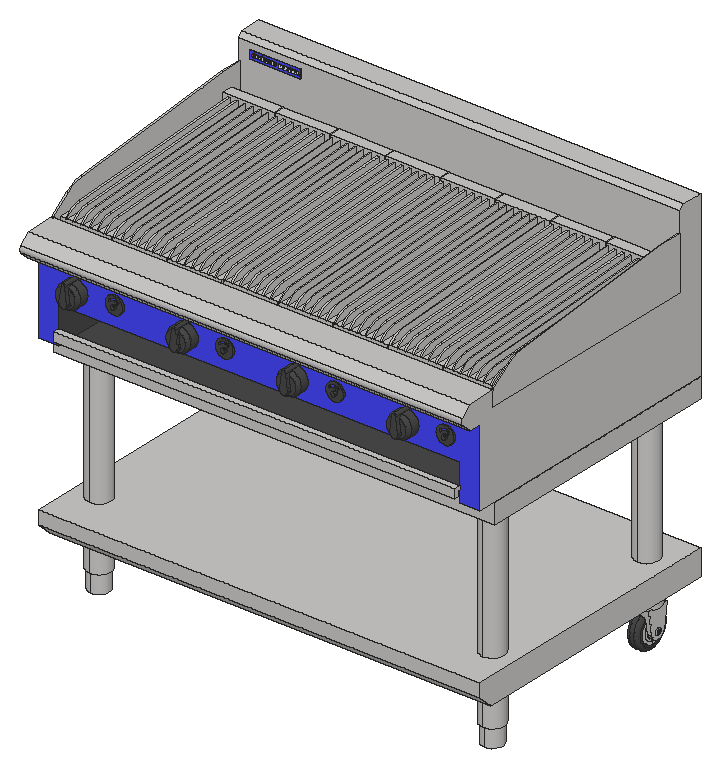
Revit family "QF_MOFFAT_BLUESEAL_AU_G598-LS", category Specialty Equipment, Revit 2012 (continued)
Automatic sketch dimensions
  plane 9 to Extrusion 14 sketch curve = 7.151 mm
  plane 12 to Extrusion 15 sketch curve = 59 mm
  plane 12 to Extrusion 15 sketch curve = 12.852 mm
  plane 12 to Extrusion 15 sketch curve = 8.738 mm
  plane 11 to Extrusion 15 sketch curve = 32 mm
  plane 9 to Extrusion 15 sketch curve = 105.155 mm
  plane 9 to Extrusion 15 sketch curve = 59.636 mm
  plane 9 to Extrusion 15 sketch curve = 7.151 mm
  plane 12 to Extrusion 16 sketch curve = 59 mm
  plane 12 to Extrusion 16 sketch curve = 12.852 mm
  plane 12 to Extrusion 16 sketch curve = 8.738 mm
  plane 11 to Extrusion 16 sketch curve = 32 mm
  plane 9 to Extrusion 16 sketch curve = 105.155 mm
  plane 9 to Extrusion 16 sketch curve = 59.636 mm
  plane 9 to Extrusion 16 sketch curve = 7.151 mm
  plane 12 to Extrusion 17 sketch curve = 59 mm
  plane 12 to Extrusion 17 sketch curve = 12.852 mm
  plane 12 to Extrusion 17 sketch curve = 8.738 mm
  plane 11 to Extrusion 17 sketch curve = 32 mm
  plane 9 to Extrusion 17 sketch curve = 105.155 mm
  plane 9 to Extrusion 17 sketch curve = 59.636 mm
  plane 9 to Extrusion 17 sketch curve = 7.151 mm
  plane 12 to Extrusion 18 sketch curve = 59 mm
  plane 12 to Extrusion 18 sketch curve = 12.852 mm
  plane 12 to Extrusion 18 sketch curve = 8.738 mm
  plane 11 to Extrusion 18 sketch curve = 32 mm
  plane 9 to Extrusion 18 sketch curve = 105.155 mm
  plane 9 to Extrusion 18 sketch curve = 59.636 mm
  plane 9 to Extrusion 18 sketch curve = 7.151 mm
  plane 12 to Extrusion 19 sketch curve = 59 mm
  plane 12 to Extrusion 19 sketch curve = 12.852 mm
  plane 12 to Extrusion 19 sketch curve = 8.738 mm
  plane 11 to Extrusion 19 sketch curve = 32 mm
  plane 9 to Extrusion 19 sketch curve = 105.155 mm
  plane 9 to Extrusion 19 sketch curve = 59.636 mm
  plane 9 to Extrusion 19 sketch curve = 7.151 mm
  plane 12 to Extrusion 20 sketch curve = 59 mm
  plane 12 to Extrusion 20 sketch curve = 12.852 mm
  plane 12 to Extrusion 20 sketch curve = 8.738 mm
  plane 11 to Extrusion 20 sketch curve = 32 mm
  plane 9 to Extrusion 20 sketch curve = 105.155 mm
  plane 9 to Extrusion 20 sketch curve = 59.636 mm
  plane 9 to Extrusion 20 sketch curve = 7.151 mm
  plane 12 to Extrusion 21 sketch curve = 59 mm
  plane 12 to Extrusion 21 sketch curve = 12.852 mm
  plane 12 to Extrusion 21 sketch curve = 8.738 mm
  plane 11 to Extrusion 21 sketch curve = 32 mm
  plane 9 to Extrusion 21 sketch curve = 105.155 mm
  plane 9 to Extrusion 21 sketch curve = 59.636 mm
  plane 9 to Extrusion 21 sketch curve = 7.151 mm
  plane 12 to Extrusion 22 sketch curve = 59 mm
  plane 12 to Extrusion 22 sketch curve = 12.852 mm
  plane 12 to Extrusion 22 sketch curve = 8.738 mm
  plane 11 to Extrusion 22 sketch curve = 32 mm
  plane 9 to Extrusion 22 sketch curve = 105.155 mm
  plane 9 to Extrusion 22 sketch curve = 59.636 mm
  plane 9 to Extrusion 22 sketch curve = 7.151 mm
  plane 12 to Extrusion 23 sketch curve = 59 mm
  plane 12 to Extrusion 23 sketch curve = 12.852 mm
  plane 12 to Extrusion 23 sketch curve = 8.738 mm
  plane 11 to Extrusion 23 sketch curve = 32 mm
  plane 9 to Extrusion 23 sketch curve = 105.155 mm
  plane 9 to Extrusion 23 sketch curve = 59.636 mm
  plane 9 to Extrusion 23 sketch curve = 7.151 mm
  plane 12 to Extrusion 24 sketch curve = 59 mm
  plane 12 to Extrusion 24 sketch curve = 12.852 mm
  plane 12 to Extrusion 24 sketch curve = 8.738 mm
  plane 11 to Extrusion 24 sketch curve = 32 mm
  plane 9 to Extrusion 24 sketch curve = 105.155 mm
  plane 9 to Extrusion 24 sketch curve = 59.636 mm
  plane 9 to Extrusion 24 sketch curve = 7.151 mm
  plane 12 to Extrusion 25 sketch curve = 59 mm
  plane 12 to Extrusion 25 sketch curve = 12.852 mm
  plane 12 to Extrusion 25 sketch curve = 8.738 mm
  plane 11 to Extrusion 25 sketch curve = 32 mm
  plane 9 to Extrusion 25 sketch curve = 105.155 mm
  plane 9 to Extrusion 25 sketch curve = 59.636 mm
  plane 9 to Extrusion 25 sketch curve = 7.151 mm
  plane 12 to Extrusion 26 sketch curve = 59 mm
  plane 12 to Extrusion 26 sketch curve = 12.852 mm
  plane 12 to Extrusion 26 sketch curve = 8.738 mm
  plane 11 to Extrusion 26 sketch curve = 32 mm
  plane 9 to Extrusion 26 sketch curve = 105.155 mm
  plane 9 to Extrusion 26 sketch curve = 59.636 mm
  plane 9 to Extrusion 26 sketch curve = 7.151 mm
  plane 12 to Extrusion 27 sketch curve = 59 mm
  plane 12 to Extrusion 27 sketch curve = 12.852 mm
  plane 12 to Extrusion 27 sketch curve = 8.738 mm
  plane 11 to Extrusion 27 sketch curve = 32 mm
  plane 9 to Extrusion 27 sketch curve = 105.155 mm
  plane 9 to Extrusion 27 sketch curve = 59.636 mm
  plane 9 to Extrusion 27 sketch curve = 7.151 mm
  plane 12 to Extrusion 28 sketch curve = 59 mm
  plane 12 to Extrusion 28 sketch curve = 12.852 mm
  plane 12 to Extrusion 28 sketch curve = 8.738 mm
  plane 11 to Extrusion 28 sketch curve = 32 mm
  plane 9 to Extrusion 28 sketch curve = 105.155 mm
  plane 9 to Extrusion 28 sketch curve = 59.636 mm
  plane 9 to Extrusion 28 sketch curve = 7.151 mm
  plane 12 to Extrusion 29 sketch curve = 59 mm
  plane 12 to Extrusion 29 sketch curve = 12.852 mm
  plane 12 to Extrusion 29 sketch curve = 8.738 mm
  plane 11 to Extrusion 29 sketch curve = 32 mm
  plane 9 to Extrusion 29 sketch curve = 105.155 mm
  plane 9 to Extrusion 29 sketch curve = 59.636 mm
  plane 9 to Extrusion 29 sketch curve = 7.151 mm
  plane 12 to Extrusion 30 sketch curve = 59 mm
  plane 12 to Extrusion 30 sketch curve = 12.852 mm
  plane 12 to Extrusion 30 sketch curve = 8.738 mm
  plane 11 to Extrusion 30 sketch curve = 32 mm
  plane 9 to Extrusion 30 sketch curve = 105.155 mm
  plane 9 to Extrusion 30 sketch curve = 59.636 mm
  plane 9 to Extrusion 30 sketch curve = 7.151 mm
  plane 12 to Extrusion 31 sketch curve = 59 mm
  plane 12 to Extrusion 31 sketch curve = 12.852 mm
  plane 12 to Extrusion 31 sketch curve = 8.738 mm
  plane 11 to Extrusion 31 sketch curve = 32 mm
  plane 9 to Extrusion 31 sketch curve = 105.155 mm
  plane 9 to Extrusion 31 sketch curve = 59.636 mm
  plane 9 to Extrusion 31 sketch curve = 7.151 mm
  plane 12 to Extrusion 32 sketch curve = 59 mm
  plane 12 to Extrusion 32 sketch curve = 12.852 mm
  plane 12 to Extrusion 32 sketch curve = 8.738 mm
  plane 11 to Extrusion 32 sketch curve = 32 mm
  plane 9 to Extrusion 32 sketch curve = 105.155 mm
  plane 9 to Extrusion 32 sketch curve = 59.636 mm
  plane 9 to Extrusion 32 sketch curve = 7.151 mm
  plane 12 to Extrusion 33 sketch curve = 59 mm
  plane 12 to Extrusion 33 sketch curve = 12.852 mm
  plane 12 to Extrusion 33 sketch curve = 8.738 mm
  plane 11 to Extrusion 33 sketch curve = 32 mm
  plane 9 to Extrusion 33 sketch curve = 105.155 mm
  plane 9 to Extrusion 33 sketch curve = 59.636 mm
  plane 9 to Extrusion 33 sketch curve = 7.151 mm
  plane 12 to Extrusion 34 sketch curve = 59 mm
  plane 12 to Extrusion 34 sketch curve = 12.852 mm
  plane 12 to Extrusion 34 sketch curve = 8.738 mm
  plane 11 to Extrusion 34 sketch curve = 32 mm
  plane 9 to Extrusion 34 sketch curve = 105.155 mm
  plane 9 to Extrusion 34 sketch curve = 59.636 mm
  plane 9 to Extrusion 34 sketch curve = 7.151 mm
  plane 12 to Extrusion 35 sketch curve = 59 mm
  plane 12 to Extrusion 35 sketch curve = 12.852 mm
  plane 12 to Extrusion 35 sketch curve = 8.738 mm
  plane 11 to Extrusion 35 sketch curve = 32 mm
  plane 9 to Extrusion 35 sketch curve = 105.155 mm
  plane 9 to Extrusion 35 sketch curve = 59.636 mm
  plane 9 to Extrusion 35 sketch curve = 7.151 mm
  plane 1 "BACK" to Extrusion 36 sketch curve = 31 mm
  plane 13 to Extrusion 36 sketch curve = 150.5 mm
  plane 9 to Extrusion 37 sketch curve = 0 mm
  plane 12 to Extrusion 37 sketch curve = 59 mm
  plane 11 to Extrusion 37 sketch curve = 32 mm
  plane 11 to Extrusion 37 sketch curve = 2 mm
  plane 9 to Extrusion 37 sketch curve = 59.636 mm
  Extrusion 37 sketch curve to Extrusion 37 sketch curve = 35.364 mm
  plane 9 to Extrusion 38 sketch curve = 0 mm
  plane 12 to Extrusion 38 sketch curve = 59 mm
  plane 11 to Extrusion 38 sketch curve = 32 mm
  plane 11 to Extrusion 38 sketch curve = 2 mm
  plane 9 to Extrusion 38 sketch curve = 59.636 mm
  Extrusion 38 sketch curve to Extrusion 38 sketch curve = 35.364 mm
  plane 9 to Extrusion 39 sketch curve = 0 mm
  plane 12 to Extrusion 39 sketch curve = 59 mm
  plane 11 to Extrusion 39 sketch curve = 32 mm
  plane 11 to Extrusion 39 sketch curve = 2 mm
  plane 9 to Extrusion 39 sketch curve = 59.636 mm
  Extrusion 39 sketch curve to Extrusion 39 sketch curve = 35.364 mm
  plane 9 to Extrusion 40 sketch curve = 0 mm
  plane 12 to Extrusion 40 sketch curve = 59 mm
  plane 11 to Extrusion 40 sketch curve = 32 mm
  plane 11 to Extrusion 40 sketch curve = 2 mm
  plane 9 to Extrusion 40 sketch curve = 59.636 mm
  Extrusion 40 sketch curve to Extrusion 40 sketch curve = 35.364 mm
  Extrusion 1 to Extrusion 41 sketch curve = 44.5 mm  (x4)
  Extrusion 41 sketch curve to Extrusion 41 sketch curve = 1.218 mm  (x4)
  Extrusion 41 sketch curve to Extrusion 41 sketch curve = 1.97 mm  (x8)
  Extrusion 41 sketch curve to Extrusion 41 sketch curve = 1.724 mm  (x4)
  Extrusion 41 sketch curve to Extrusion 41 sketch curve = 1.683 mm  (x4)
  Extrusion 41 sketch curve to Extrusion 41 sketch curve = 6.674 mm  (x4)
  Extrusion 41 sketch curve to Extrusion 41 sketch curve = 0.195 mm  (x4)
  Extrusion 41 sketch curve to Extrusion 41 sketch curve = 2.662 mm  (x4)
  Extrusion 1 to Extrusion 41 sketch curve = 193.209 mm
  Extrusion 41 sketch curve to Extrusion 41 sketch curve = 2.986 mm  (x4)
  Extrusion 41 sketch curve to Extrusion 41 sketch curve = 8.796 mm  (x4)
  Extrusion 41 sketch curve to Extrusion 41 sketch curve = 0.103 mm  (x4)
  Extrusion 41 sketch curve to Extrusion 41 sketch curve = 0.102 mm  (x4)
  Extrusion 41 sketch curve to Extrusion 41 sketch curve = 271.13 mm  (x2)
  Extrusion 1 to Extrusion 41 sketch curve = 106.791 mm
  Extrusion 42 sketch curve to Extrusion 42 sketch curve = 0 mm  (x3)
  Extrusion 42 sketch curve to Extrusion 42 sketch curve = 300 mm  (x3)
  Revolve 43 sketch curve to plane 5 "FRONT" = 19 mm
  Revolve 43 sketch curve to Revolve 43 sketch curve = 0 mm  (x2)
  Revolve 43 sketch curve to Revolve 43 sketch curve = 11 mm
  Revolve 43 sketch curve to Revolve 43 sketch curve = 12.7 mm
  Revolve 43 sketch curve to Revolve 43 sketch curve = 23 mm
  Revolve 43 sketch curve to Revolve 43 sketch curve = 10 mm
  plane 9 to Revolve 43 sketch curve = 175.2 mm
  Revolve 43 sketch curve to Revolve 43 sketch curve = 5 mm
  Revolve 43 sketch curve to Revolve 43 sketch curve = 26.651 mm
  Revolve 43 sketch curve to Revolve 43 sketch curve = 5.849 mm
  Extrusion 44 sketch curve to plane 7 "Center Y" = 202.487 mm
  Extrusion 44 sketch curve to Extrusion 44 sketch curve = 5.489 mm
  Extrusion 44 sketch curve to Extrusion 44 sketch curve = 4.999 mm  (x2)
  Extrusion 44 sketch curve to Extrusion 44 sketch curve = 10.487 mm
  plane 9 to Extrusion 44 sketch curve = 143.087 mm
  Extrusion 44 sketch curve to Extrusion 44 sketch curve = 10.419 mm
  Extrusion 44 sketch curve to Extrusion 44 sketch curve = 0.113 mm
  Extrusion 44 sketch curve to Extrusion 44 sketch curve = 42.919 mm
  Extrusion 44 sketch curve to Extrusion 44 sketch curve = 1.167 mm
  Extrusion 45 sketch curve to Extrusion 1 = 0 mm
  Extrusion 45 sketch curve to Extrusion 1 = 100 mm
  Extrusion 45 sketch curve to Extrusion 1 = 55 mm  (x2)
  Extrusion 45 to Extrusion 46 sketch curve = 0 mm
  Extrusion 46 sketch curve to Extrusion 45 = 5.924 mm
  Extrusion 46 sketch curve to Extrusion 45 = 16.797 mm
  Extrusion 46 sketch curve to Extrusion 46 sketch curve = 15 mm
  Extrusion 46 sketch curve to Extrusion 46 sketch curve = 10 mm  (x2)
  Extrusion 45 to Extrusion 46 sketch curve = 31.346 mm
  Extrusion 46 sketch curve to Extrusion 46 sketch curve = 18.654 mm
  Revolve 47 sketch curve to level = 0 mm
  Revolve 47 sketch curve to plane 11 = 0 mm  (x2)
  plane 11 to Revolve 47 sketch curve = 27.5 mm
  plane 11 to Revolve 47 sketch curve = 31.75 mm
  Revolve 47 sketch curve to Revolve 47 sketch curve = 55 mm
  level to Revolve 47 sketch curve = 50 mm
  Revolve 47 sketch curve to Revolve 47 sketch curve = 0 mm
  Revolve 47 sketch curve to Revolve 47 sketch curve = 100 mm
  plane 3 "LEFT" to Revolve 48 sketch curve = 31.118 mm
  Revolve 48 sketch curve to Revolve 48 sketch curve = 1.27 mm  (x4)
  Revolve 48 sketch curve to Revolve 48 sketch curve = 1.524 mm  (x2)
  Revolve 48 sketch curve to Revolve 48 sketch curve = 12.146 mm  (x2)
  Revolve 48 sketch curve to plane 13 = 16.68 mm
  Revolve 48 sketch curve to Revolve 48 sketch curve = 0.794 mm  (x2)
  Revolve 48 sketch curve to Revolve 48 sketch curve = 3.57 mm
  Revolve 48 sketch curve to Revolve 48 sketch curve = 2.143 mm
  Revolve 48 sketch curve to plane 13 = 6.361 mm
  plane 13 to Revolve 48 sketch curve = 5.13 mm
  plane 13 to Revolve 48 sketch curve = 6.339 mm
  plane 13 to Revolve 48 sketch curve = 14.515 mm
  Revolve 48 sketch curve to Revolve 48 sketch curve = 1.349 mm  (x2)
  Revolve 48 sketch curve to Revolve 48 sketch curve = 3.556 mm
  Revolve 48 sketch curve to Revolve 48 sketch curve = 33.32 mm
  level to Revolve 48 sketch curve = 49.952 mm
  Revolve 48 sketch curve to Revolve 48 sketch curve = 0 mm
  Revolve 48 sketch curve to Revolve 48 sketch curve = 3.505 mm  (x2)
  Revolve 48 sketch curve to Revolve 48 sketch curve = 3.447 mm  (x2)
  Revolve 48 sketch curve to Revolve 48 sketch curve = 9.964 mm
  Revolve 48 sketch curve to Revolve 48 sketch curve = 10.045 mm
  Revolve 48 sketch curve to Revolve 48 sketch curve = 2.053 mm
  Revolve 48 sketch curve to Revolve 48 sketch curve = 2.061 mm
  Revolve 48 sketch curve to Revolve 48 sketch curve = 8.247 mm
  Revolve 48 sketch curve to Revolve 48 sketch curve = 8.336 mm
  Revolve 48 sketch curve to Revolve 48 sketch curve = 6.35 mm  (x2)
  Extrusion 49 sketch curve to plane 11 = 0 mm
  plane 11 to Extrusion 49 sketch curve = 19.393 mm
  plane 11 to Extrusion 49 sketch curve = 31.75 mm
  Extrusion 49 sketch curve to plane 11 = 19.393 mm
  Extrusion 49 sketch curve to plane 11 = 31.75 mm
  level to Extrusion 49 sketch curve = 45.111 mm
  Extrusion 49 sketch curve to Extrusion 49 sketch curve = 4.889 mm
  Extrusion 49 sketch curve to Extrusion 49 sketch curve = 64.889 mm
  Revolve 50 sketch curve to plane 11 = 0 mm  (x2)
  plane 11 to Revolve 50 sketch curve = 35.75 mm
  Revolve 50 sketch curve to level = 55 mm
  level to Revolve 50 sketch curve = 50 mm
  Revolve 50 sketch curve to Revolve 50 sketch curve = 60 mm
  Revolve 50 sketch curve to Revolve 50 sketch curve = 40 mm
  Revolve 51 sketch curve to level = 0 mm
  Revolve 51 sketch curve to plane 11 = 0 mm  (x2)
  Revolve 51 sketch curve to Revolve 51 sketch curve = 27.5 mm
  Revolve 51 sketch curve to Revolve 51 sketch curve = 31.75 mm
  Revolve 51 sketch curve to Revolve 51 sketch curve = 55 mm
  level to Revolve 51 sketch curve = 50 mm
  Revolve 51 sketch curve to Revolve 51 sketch curve = 0 mm
  Revolve 51 sketch curve to Revolve 51 sketch curve = 100 mm
  plane 12 to Extrusion 52 sketch curve = 59 mm
  plane 12 to Extrusion 52 sketch curve = 12.852 mm
  plane 12 to Extrusion 52 sketch curve = 8.738 mm
  plane 11 to Extrusion 52 sketch curve = 32 mm
  plane 9 to Extrusion 52 sketch curve = 105.155 mm
  plane 9 to Extrusion 52 sketch curve = 59.636 mm
  plane 9 to Extrusion 52 sketch curve = 7.151 mm
  plane 12 to Extrusion 53 sketch curve = 59 mm
  plane 12 to Extrusion 53 sketch curve = 12.852 mm
  plane 12 to Extrusion 53 sketch curve = 8.738 mm
  plane 11 to Extrusion 53 sketch curve = 32 mm
  plane 9 to Extrusion 53 sketch curve = 105.155 mm
  plane 9 to Extrusion 53 sketch curve = 59.636 mm
  plane 9 to Extrusion 53 sketch curve = 7.151 mm
  plane 12 to Extrusion 54 sketch curve = 59 mm
  plane 12 to Extrusion 54 sketch curve = 12.852 mm
  plane 12 to Extrusion 54 sketch curve = 8.738 mm
  plane 11 to Extrusion 54 sketch curve = 32 mm
  plane 9 to Extrusion 54 sketch curve = 105.155 mm
  plane 9 to Extrusion 54 sketch curve = 59.636 mm
  plane 9 to Extrusion 54 sketch curve = 7.151 mm
  plane 12 to Extrusion 55 sketch curve = 59 mm
  plane 12 to Extrusion 55 sketch curve = 12.852 mm
  plane 12 to Extrusion 55 sketch curve = 8.738 mm
  plane 11 to Extrusion 55 sketch curve = 32 mm
  plane 9 to Extrusion 55 sketch curve = 105.155 mm
  plane 9 to Extrusion 55 sketch curve = 59.636 mm
  plane 9 to Extrusion 55 sketch curve = 7.151 mm
  plane 12 to Extrusion 56 sketch curve = 59 mm
  plane 12 to Extrusion 56 sketch curve = 12.852 mm
  plane 12 to Extrusion 56 sketch curve = 8.738 mm
  plane 11 to Extrusion 56 sketch curve = 32 mm
  plane 9 to Extrusion 56 sketch curve = 105.155 mm
  plane 9 to Extrusion 56 sketch curve = 59.636 mm
  plane 9 to Extrusion 56 sketch curve = 7.151 mm
  plane 12 to Extrusion 57 sketch curve = 59 mm
  plane 12 to Extrusion 57 sketch curve = 12.852 mm
  plane 12 to Extrusion 57 sketch curve = 8.738 mm
  plane 11 to Extrusion 57 sketch curve = 32 mm
  plane 9 to Extrusion 57 sketch curve = 105.155 mm
  plane 9 to Extrusion 57 sketch curve = 59.636 mm
  plane 9 to Extrusion 57 sketch curve = 7.151 mm
  plane 12 to Extrusion 58 sketch curve = 59 mm
  plane 12 to Extrusion 58 sketch curve = 12.852 mm
  plane 12 to Extrusion 58 sketch curve = 8.738 mm
  plane 11 to Extrusion 58 sketch curve = 32 mm
  plane 9 to Extrusion 58 sketch curve = 105.155 mm
  plane 9 to Extrusion 58 sketch curve = 59.636 mm
  plane 9 to Extrusion 58 sketch curve = 7.151 mm
  plane 9 to Extrusion 59 sketch curve = 0 mm
  plane 12 to Extrusion 59 sketch curve = 59 mm
  plane 11 to Extrusion 59 sketch curve = 32 mm
  plane 11 to Extrusion 59 sketch curve = 2 mm
  plane 9 to Extrusion 59 sketch curve = 59.636 mm
  Extrusion 59 sketch curve to Extrusion 59 sketch curve = 35.364 mm
  plane 12 to Extrusion 60 sketch curve = 59 mm
  plane 12 to Extrusion 60 sketch curve = 12.852 mm
  plane 12 to Extrusion 60 sketch curve = 8.738 mm
  plane 11 to Extrusion 60 sketch curve = 32 mm
  plane 9 to Extrusion 60 sketch curve = 105.155 mm
  plane 9 to Extrusion 60 sketch curve = 59.636 mm
  plane 9 to Extrusion 60 sketch curve = 7.151 mm
  plane 12 to Extrusion 61 sketch curve = 59 mm
  plane 12 to Extrusion 61 sketch curve = 12.852 mm
  plane 12 to Extrusion 61 sketch curve = 8.738 mm
  plane 11 to Extrusion 61 sketch curve = 32 mm
  plane 9 to Extrusion 61 sketch curve = 105.155 mm
  plane 9 to Extrusion 61 sketch curve = 59.636 mm
  plane 9 to Extrusion 61 sketch curve = 7.151 mm
  plane 12 to Extrusion 62 sketch curve = 59 mm
  plane 12 to Extrusion 62 sketch curve = 12.852 mm
  plane 12 to Extrusion 62 sketch curve = 8.738 mm
  plane 11 to Extrusion 62 sketch curve = 32 mm
  plane 9 to Extrusion 62 sketch curve = 105.155 mm
  plane 9 to Extrusion 62 sketch curve = 59.636 mm
  plane 9 to Extrusion 62 sketch curve = 7.151 mm
  plane 12 to Extrusion 63 sketch curve = 59 mm
  plane 12 to Extrusion 63 sketch curve = 12.852 mm
  plane 12 to Extrusion 63 sketch curve = 8.738 mm
  plane 11 to Extrusion 63 sketch curve = 32 mm
  plane 9 to Extrusion 63 sketch curve = 105.155 mm
  plane 9 to Extrusion 63 sketch curve = 59.636 mm
  plane 9 to Extrusion 63 sketch curve = 7.151 mm
  plane 12 to Extrusion 64 sketch curve = 59 mm
  plane 12 to Extrusion 64 sketch curve = 12.852 mm
  plane 12 to Extrusion 64 sketch curve = 8.738 mm
  plane 11 to Extrusion 64 sketch curve = 32 mm
  plane 9 to Extrusion 64 sketch curve = 105.155 mm
  plane 9 to Extrusion 64 sketch curve = 59.636 mm
  plane 9 to Extrusion 64 sketch curve = 7.151 mm
  plane 12 to Extrusion 65 sketch curve = 59 mm
  plane 12 to Extrusion 65 sketch curve = 12.852 mm
  plane 12 to Extrusion 65 sketch curve = 8.738 mm
  plane 11 to Extrusion 65 sketch curve = 32 mm
  plane 9 to Extrusion 65 sketch curve = 105.155 mm
  plane 9 to Extrusion 65 sketch curve = 59.636 mm
  plane 9 to Extrusion 65 sketch curve = 7.151 mm
  plane 12 to Extrusion 66 sketch curve = 59 mm
  plane 12 to Extrusion 66 sketch curve = 12.852 mm
  plane 12 to Extrusion 66 sketch curve = 8.738 mm
  plane 11 to Extrusion 66 sketch curve = 32 mm
  plane 9 to Extrusion 66 sketch curve = 105.155 mm
  plane 9 to Extrusion 66 sketch curve = 59.636 mm
  plane 9 to Extrusion 66 sketch curve = 7.151 mm
  plane 9 to Extrusion 67 sketch curve = 0 mm
  plane 12 to Extrusion 67 sketch curve = 59 mm
  plane 11 to Extrusion 67 sketch curve = 32 mm
  plane 11 to Extrusion 67 sketch curve = 2 mm
  plane 9 to Extrusion 67 sketch curve = 59.636 mm
  Extrusion 67 sketch curve to Extrusion 67 sketch curve = 35.364 mm
  Extrusion 68 sketch curve to Extrusion 1 = 0 mm
  Extrusion 68 sketch curve to Extrusion 1 = 100 mm
  Extrusion 68 sketch curve to Extrusion 1 = 55 mm  (x2)
  Revolve 69 sketch curve to plane 5 "FRONT" = 19 mm
  Revolve 69 sketch curve to Revolve 69 sketch curve = 0 mm  (x2)
  Revolve 69 sketch curve to Revolve 69 sketch curve = 11 mm
  Revolve 69 sketch curve to Revolve 69 sketch curve = 12.7 mm
  Revolve 69 sketch curve to Revolve 69 sketch curve = 23 mm
  Revolve 69 sketch curve to Revolve 69 sketch curve = 10 mm
  plane 9 to Revolve 69 sketch curve = 175.2 mm
  Revolve 69 sketch curve to Revolve 69 sketch curve = 5 mm
  Revolve 69 sketch curve to Revolve 69 sketch curve = 26.651 mm
  Revolve 69 sketch curve to Revolve 69 sketch curve = 5.849 mm
  plane 7 "Center Y" to Extrusion 70 sketch curve = 97.513 mm
  Extrusion 70 sketch curve to Extrusion 70 sketch curve = 5.489 mm
  Extrusion 70 sketch curve to Extrusion 70 sketch curve = 4.999 mm  (x2)
  Extrusion 70 sketch curve to Extrusion 70 sketch curve = 10.487 mm
  Extrusion 70 sketch curve to Extrusion 70 sketch curve = 10.419 mm
  plane 9 to Extrusion 70 sketch curve = 187.2 mm
  Extrusion 70 sketch curve to Extrusion 70 sketch curve = 0.028 mm
  Extrusion 70 sketch curve to Extrusion 70 sketch curve = 44 mm
  Extrusion 70 sketch curve to Extrusion 70 sketch curve = 0.113 mm
  Split face 1 sketch curve to Extrusion 1 = 27.315 mm
  Split face 1 sketch curve to Extrusion 1 = 284.66 mm
  Split face 1 sketch curve to Split face 1 sketch curve = 4.041 mm  (x4)
  Split face 1 sketch curve to Split face 1 sketch curve = 8.66 mm  (x2)
  Split face 1 sketch curve to Extrusion 1 = 12.315 mm
  Split face 1 sketch curve to Extrusion 1 = 48.041 mm
  Split face 1 sketch curve to Split face 1 sketch curve = 7 mm  (x3)
  Split face 1 sketch curve to Split face 1 sketch curve = 17 mm
  Split face 2 sketch curve to Extrusion 1 = 27.315 mm
  Split face 2 sketch curve to Extrusion 1 = 327.36 mm
  Split face 2 sketch curve to Split face 2 sketch curve = 4.041 mm  (x4)
  Split face 2 sketch curve to Split face 2 sketch curve = 8.66 mm  (x2)
  Split face 2 sketch curve to Extrusion 1 = 12.315 mm
  Split face 2 sketch curve to Split face 2 sketch curve = 223.917 mm
  Split face 2 sketch curve to Split face 2 sketch curve = 7 mm  (x3)
  Split face 2 sketch curve to Split face 2 sketch curve = 17 mm
  Split face 3 sketch curve to Extrusion 1 = 39.381 mm
  Split face 3 sketch curve to Split face 3 sketch curve = 4.041 mm  (x3)
  Split face 3 sketch curve to Split face 3 sketch curve = 8.66 mm  (x3)
  Split face 3 sketch curve to Extrusion 1 = 12.315 mm
  Split face 3 sketch curve to Split face 3 sketch curve = 223.917 mm
  Split face 3 sketch curve to Split face 3 sketch curve = 5 mm
  Split face 3 sketch curve to Split face 3 sketch curve = 10 mm
  Split face 3 sketch curve to Split face 3 sketch curve = 7 mm  (x3)
  plane 12 to Extrusion 71 sketch curve = 59 mm
  plane 12 to Extrusion 71 sketch curve = 12.852 mm
  plane 12 to Extrusion 71 sketch curve = 8.738 mm
  plane 11 to Extrusion 71 sketch curve = 32 mm
  plane 9 to Extrusion 71 sketch curve = 105.155 mm
  plane 9 to Extrusion 71 sketch curve = 59.636 mm
  plane 9 to Extrusion 71 sketch curve = 7.151 mm
  plane 12 to Extrusion 72 sketch curve = 59 mm
  plane 12 to Extrusion 72 sketch curve = 12.852 mm
  plane 12 to Extrusion 72 sketch curve = 8.738 mm
  plane 11 to Extrusion 72 sketch curve = 32 mm
  plane 9 to Extrusion 72 sketch curve = 105.155 mm
  plane 9 to Extrusion 72 sketch curve = 59.636 mm
  plane 9 to Extrusion 72 sketch curve = 7.151 mm
  plane 12 to Extrusion 73 sketch curve = 59 mm
  plane 12 to Extrusion 73 sketch curve = 12.852 mm
  plane 12 to Extrusion 73 sketch curve = 8.738 mm
  plane 11 to Extrusion 73 sketch curve = 32 mm
  plane 9 to Extrusion 73 sketch curve = 105.155 mm
  plane 9 to Extrusion 73 sketch curve = 59.636 mm
  plane 9 to Extrusion 73 sketch curve = 7.151 mm
  plane 12 to Extrusion 74 sketch curve = 59 mm
  plane 12 to Extrusion 74 sketch curve = 12.852 mm
  plane 12 to Extrusion 74 sketch curve = 8.738 mm
  plane 11 to Extrusion 74 sketch curve = 32 mm
  plane 9 to Extrusion 74 sketch curve = 105.155 mm
  plane 9 to Extrusion 74 sketch curve = 59.636 mm
  plane 9 to Extrusion 74 sketch curve = 7.151 mm
  plane 12 to Extrusion 75 sketch curve = 59 mm
  plane 12 to Extrusion 75 sketch curve = 12.852 mm
  plane 12 to Extrusion 75 sketch curve = 8.738 mm
  plane 11 to Extrusion 75 sketch curve = 32 mm
  plane 9 to Extrusion 75 sketch curve = 105.155 mm
  plane 9 to Extrusion 75 sketch curve = 59.636 mm
  plane 9 to Extrusion 75 sketch curve = 7.151 mm
  plane 12 to Extrusion 76 sketch curve = 59 mm
  plane 12 to Extrusion 76 sketch curve = 12.852 mm
  plane 12 to Extrusion 76 sketch curve = 8.738 mm
  plane 11 to Extrusion 76 sketch curve = 32 mm
  plane 9 to Extrusion 76 sketch curve = 105.155 mm
  plane 9 to Extrusion 76 sketch curve = 59.636 mm
  plane 9 to Extrusion 76 sketch curve = 7.151 mm
  plane 12 to Extrusion 77 sketch curve = 59 mm
  plane 12 to Extrusion 77 sketch curve = 12.852 mm
  plane 12 to Extrusion 77 sketch curve = 8.738 mm
  plane 11 to Extrusion 77 sketch curve = 32 mm
  plane 9 to Extrusion 77 sketch curve = 105.155 mm
  plane 9 to Extrusion 77 sketch curve = 59.636 mm
  plane 9 to Extrusion 77 sketch curve = 7.151 mm
  plane 9 to Extrusion 78 sketch curve = 0 mm
  plane 12 to Extrusion 78 sketch curve = 59 mm
  plane 11 to Extrusion 78 sketch curve = 32 mm
  plane 11 to Extrusion 78 sketch curve = 2 mm
  plane 9 to Extrusion 78 sketch curve = 59.636 mm
  Extrusion 78 sketch curve to Extrusion 78 sketch curve = 35.364 mm
  plane 12 to Extrusion 79 sketch curve = 59 mm
  plane 12 to Extrusion 79 sketch curve = 12.852 mm
  plane 12 to Extrusion 79 sketch curve = 8.738 mm
  plane 11 to Extrusion 79 sketch curve = 32 mm
  plane 9 to Extrusion 79 sketch curve = 105.155 mm
  plane 9 to Extrusion 79 sketch curve = 59.636 mm
  plane 9 to Extrusion 79 sketch curve = 7.151 mm
  plane 12 to Extrusion 80 sketch curve = 59 mm
  plane 12 to Extrusion 80 sketch curve = 12.852 mm
  plane 12 to Extrusion 80 sketch curve = 8.738 mm
  plane 11 to Extrusion 80 sketch curve = 32 mm
  plane 9 to Extrusion 80 sketch curve = 105.155 mm
  plane 9 to Extrusion 80 sketch curve = 59.636 mm
  plane 9 to Extrusion 80 sketch curve = 7.151 mm
  plane 12 to Extrusion 81 sketch curve = 59 mm
  plane 12 to Extrusion 81 sketch curve = 12.852 mm
  plane 12 to Extrusion 81 sketch curve = 8.738 mm
  plane 11 to Extrusion 81 sketch curve = 32 mm
  plane 9 to Extrusion 81 sketch curve = 105.155 mm
  plane 9 to Extrusion 81 sketch curve = 59.636 mm
  plane 9 to Extrusion 81 sketch curve = 7.151 mm
  plane 12 to Extrusion 82 sketch curve = 59 mm
  plane 12 to Extrusion 82 sketch curve = 12.852 mm
  plane 12 to Extrusion 82 sketch curve = 8.738 mm
  plane 11 to Extrusion 82 sketch curve = 32 mm
  plane 9 to Extrusion 82 sketch curve = 105.155 mm
  plane 9 to Extrusion 82 sketch curve = 59.636 mm
  plane 9 to Extrusion 82 sketch curve = 7.151 mm
  plane 12 to Extrusion 83 sketch curve = 59 mm
  plane 12 to Extrusion 83 sketch curve = 12.852 mm
  plane 12 to Extrusion 83 sketch curve = 8.738 mm
  plane 11 to Extrusion 83 sketch curve = 32 mm
  plane 9 to Extrusion 83 sketch curve = 105.155 mm
  plane 9 to Extrusion 83 sketch curve = 59.636 mm
  plane 9 to Extrusion 83 sketch curve = 7.151 mm
  plane 12 to Extrusion 84 sketch curve = 59 mm
  plane 12 to Extrusion 84 sketch curve = 12.852 mm
  plane 12 to Extrusion 84 sketch curve = 8.738 mm
  plane 11 to Extrusion 84 sketch curve = 32 mm
  plane 9 to Extrusion 84 sketch curve = 105.155 mm
  plane 9 to Extrusion 84 sketch curve = 59.636 mm
  plane 9 to Extrusion 84 sketch curve = 7.151 mm
  plane 12 to Extrusion 85 sketch curve = 59 mm
  plane 12 to Extrusion 85 sketch curve = 12.852 mm
  plane 12 to Extrusion 85 sketch curve = 8.738 mm
  plane 11 to Extrusion 85 sketch curve = 32 mm
  plane 9 to Extrusion 85 sketch curve = 105.155 mm
  plane 9 to Extrusion 85 sketch curve = 59.636 mm
  plane 9 to Extrusion 85 sketch curve = 7.151 mm
  plane 9 to Extrusion 86 sketch curve = 0 mm
  plane 12 to Extrusion 86 sketch curve = 59 mm
  plane 11 to Extrusion 86 sketch curve = 32 mm
  plane 11 to Extrusion 86 sketch curve = 2 mm
  plane 9 to Extrusion 86 sketch curve = 59.636 mm
  Extrusion 86 sketch curve to Extrusion 86 sketch curve = 35.364 mm
  Revolve 87 sketch curve to plane 11 = 0 mm  (x2)
  Revolve 87 sketch curve to Revolve 87 sketch curve = 31.75 mm
  plane 9 to Revolve 87 sketch curve = 385 mm
  level to Revolve 87 sketch curve = 222.5 mm
  level to Revolve 87 sketch curve = 50 mm
  Revolve 87 sketch curve to level = 55 mm
  Revolve 88 sketch curve to level = 0 mm
  Revolve 88 sketch curve to plane 11 = 0 mm  (x2)
  Revolve 88 sketch curve to Revolve 88 sketch curve = 27.5 mm
  Revolve 88 sketch curve to Revolve 88 sketch curve = 31.75 mm
  level to Revolve 88 sketch curve = 50 mm
  Revolve 88 sketch curve to Revolve 88 sketch curve = 0 mm
  Revolve 88 sketch curve to Revolve 88 sketch curve = 100 mm
  Revolve 88 sketch curve to Revolve 88 sketch curve = 55 mm
  plane 14 to Revolve 89 sketch curve = 34.511 mm
  Revolve 89 sketch curve to Revolve 89 sketch curve = 1.27 mm  (x4)
  Revolve 89 sketch curve to Revolve 89 sketch curve = 1.524 mm  (x2)
  Revolve 89 sketch curve to Revolve 89 sketch curve = 12.146 mm  (x2)
  plane 14 to Revolve 89 sketch curve = 16.809 mm
  Revolve 89 sketch curve to Revolve 89 sketch curve = 0.794 mm  (x2)
  Revolve 89 sketch curve to Revolve 89 sketch curve = 3.57 mm
  Revolve 89 sketch curve to Revolve 89 sketch curve = 2.143 mm
  plane 14 to Revolve 89 sketch curve = 6.49 mm
  Revolve 89 sketch curve to plane 14 = 5.001 mm
  Revolve 89 sketch curve to plane 14 = 6.21 mm
  Revolve 89 sketch curve to plane 14 = 14.386 mm
  Revolve 89 sketch curve to Revolve 89 sketch curve = 1.349 mm  (x2)
  Revolve 89 sketch curve to Revolve 89 sketch curve = 3.556 mm
  Revolve 89 sketch curve to plane 4 "RIGHT" = 2.051 mm
  level to Revolve 89 sketch curve = 49.952 mm
  Revolve 89 sketch curve to Revolve 89 sketch curve = 0 mm
  Revolve 89 sketch curve to Revolve 89 sketch curve = 3.505 mm  (x2)
  Revolve 89 sketch curve to Revolve 89 sketch curve = 3.447 mm  (x2)
  Revolve 89 sketch curve to Revolve 89 sketch curve = 9.964 mm
  Revolve 89 sketch curve to Revolve 89 sketch curve = 10.045 mm
  Revolve 89 sketch curve to Revolve 89 sketch curve = 2.053 mm
  Revolve 89 sketch curve to Revolve 89 sketch curve = 2.061 mm
  Revolve 89 sketch curve to Revolve 89 sketch curve = 8.247 mm
  Revolve 89 sketch curve to Revolve 89 sketch curve = 8.336 mm
  Revolve 89 sketch curve to Revolve 89 sketch curve = 6.35 mm  (x2)
  Extrusion 90 sketch curve to plane 11 = 0 mm
  plane 11 to Extrusion 90 sketch curve = 19.393 mm
  plane 11 to Extrusion 90 sketch curve = 31.75 mm
  Extrusion 90 sketch curve to plane 11 = 19.393 mm
  Extrusion 90 sketch curve to plane 11 = 31.75 mm
  level to Extrusion 90 sketch curve = 45.111 mm
  Extrusion 90 sketch curve to Extrusion 90 sketch curve = 4.889 mm
  Extrusion 90 sketch curve to Extrusion 90 sketch curve = 64.889 mm
  Revolve 91 sketch curve to plane 11 = 0 mm  (x2)
  Revolve 91 sketch curve to Revolve 91 sketch curve = 35.75 mm
  Revolve 91 sketch curve to level = 55 mm
  level to Revolve 91 sketch curve = 50 mm
  Revolve 91 sketch curve to Revolve 91 sketch curve = 60 mm
  Revolve 91 sketch curve to Revolve 91 sketch curve = 40 mm
  Split face 4 sketch curve to Extrusion 1 = 27.315 mm
  Split face 4 sketch curve to Extrusion 1 = 584.66 mm
  Split face 4 sketch curve to Split face 4 sketch curve = 4.041 mm  (x4)
  Split face 4 sketch curve to Split face 4 sketch curve = 8.66 mm  (x2)
  Split face 4 sketch curve to Extrusion 1 = 12.315 mm
  Split face 4 sketch curve to Split face 4 sketch curve = 223.917 mm
  Split face 4 sketch curve to Split face 4 sketch curve = 7 mm  (x3)
  Split face 4 sketch curve to Split face 4 sketch curve = 17 mm
  Revolve 92 sketch curve to plane 5 "FRONT" = 19 mm
  Revolve 92 sketch curve to Revolve 92 sketch curve = 0 mm  (x2)
  Revolve 92 sketch curve to Revolve 92 sketch curve = 11 mm
  Revolve 92 sketch curve to Revolve 92 sketch curve = 12.7 mm
  Revolve 92 sketch curve to Revolve 92 sketch curve = 23 mm
  Revolve 92 sketch curve to Revolve 92 sketch curve = 10 mm
  plane 9 to Revolve 92 sketch curve = 175.2 mm
  Revolve 92 sketch curve to Revolve 92 sketch curve = 5 mm
  Revolve 92 sketch curve to Revolve 92 sketch curve = 26.651 mm
  Revolve 92 sketch curve to Revolve 92 sketch curve = 5.849 mm
  plane 14 to Extrusion 93 sketch curve = 136.987 mm
  Extrusion 93 sketch curve to Extrusion 93 sketch curve = 5.489 mm
  Extrusion 93 sketch curve to Extrusion 93 sketch curve = 4.999 mm  (x2)
  Extrusion 93 sketch curve to Extrusion 93 sketch curve = 10.487 mm
  Extrusion 93 sketch curve to Extrusion 93 sketch curve = 10.419 mm
  plane 9 to Extrusion 93 sketch curve = 187.2 mm
  Extrusion 93 sketch curve to Extrusion 93 sketch curve = 0.028 mm
  Extrusion 93 sketch curve to Extrusion 93 sketch curve = 44 mm
  Extrusion 93 sketch curve to Extrusion 93 sketch curve = 0.113 mm
  curve 10 to plane 3 "LEFT" = 0 mm
  curve 11 to plane 4 "RIGHT" = 0 mm
  plane 1 "BACK" to curve 9 = 0 mm
  plane 3 "LEFT" to curve 3 = 27.656 mm
  curve 3 to plane 13 = 10.348 mm
  plane 13 to curve 2 = 12.956 mm
  plane 14 to curve 7 = 36.973 mm
  plane 14 to curve 7 = 9.477 mm
  curve 5 to plane 14 = 13.827 mm
  plane 1 "BACK" to curve 1 = 46.735 mm
  plane 1 "BACK" to curve 5 = 46.735 mm
  curve 5 to curve 5 = 15.875 mm
  curve 1 to curve 1 = 15.875 mm
  curve 12 to plane 5 "FRONT" = 0.001 mm
  curve 13 to plane 11 = 42.5 mm
  curve 14 to curve 13 = 12.5 mm
  plane 12 to curve 15 = 80 mm
  curve 11 to curve 16 = 28.029 mm
  plane 7 "Center Y" to curve 23 = 23.319 mm
  curve 24 to curve 22 = 4.041 mm
  curve 23 to curve 24 = 8.66 mm
  curve 22 to curve 22 = 8.66 mm
  plane 1 "BACK" to curve 17 = 18.185 mm
  curve 18 to curve 21 = 4.041 mm
  plane 1 "BACK" to curve 19 = 23.185 mm
  curve 18 to curve 19 = 8.66 mm
  plane 1 "BACK" to curve 19 = 30.185 mm
  curve 19 to curve 19 = 4.041 mm
  curve 20 to curve 19 = 15 mm
  curve 21 to curve 22 = 5 mm
  curve 23 to curve 24 = 7 mm
  plane 1 "BACK" to curve 27 = 33.185 mm
  curve 19 to curve 27 = 38.659 mm
  curve 27 to curve 28 = 4.041 mm
  curve 26 to curve 26 = 8.66 mm
  curve 27 to curve 28 = 8.66 mm
  curve 32 to plane 14 = 13.417 mm
  curve 5 to curve 30 = 3.632 mm
  curve 32 to curve 31 = 8.66 mm
  curve 32 to curve 31 = 4.041 mm
  curve 28 to curve 27 = 12 mm
  curve 27 to curve 27 = 7 mm
  curve 29 to curve 30 = 10 mm
  curve 30 to curve 32 = 7 mm
  curve 28 to curve 26 = 7 mm
  plane 1 "BACK" to curve 34 = 33.185 mm
  curve 34 to curve 36 = 4.041 mm
  curve 35 to curve 34 = 8.66 mm
  curve 36 to curve 37 = 8.66 mm
  plane 1 "BACK" to curve 33 = 18.185 mm
  curve 33 to plane 7 "Center Y" = 28.041 mm
  curve 40 to curve 37 = 4.041 mm
  curve 40 to curve 39 = 8.66 mm
  curve 39 to curve 39 = 4.041 mm
  curve 36 to curve 34 = 12 mm
  curve 35 to curve 34 = 7 mm
  curve 37 to curve 38 = 10 mm
  curve 38 to curve 40 = 7 mm
  curve 48 to plane 13 = 30.16 mm
  curve 47 to curve 46 = 4.041 mm
  curve 48 to curve 41 = 8.66 mm
  curve 46 to curve 45 = 8.66 mm
  plane 1 "BACK" to curve 42 = 18.185 mm
  curve 42 to curve 35 = 63.381 mm
  curve 42 to curve 44 = 4.041 mm  (x2)
  plane 1 "BACK" to curve 43 = 23.185 mm
  curve 42 to curve 43 = 8.66 mm
  curve 46 to curve 41 = 27 mm
  curve 45 to curve 46 = 5 mm
  curve 44 to curve 42 = 7 mm
  curve 46 to curve 47 = 7 mm
  plane 3 "LEFT" to curve 57 = 4.5 mm
  curve 56 to curve 55 = 3 mm
  plane 12 to curve 55 = 59 mm
  curve 55 to curve 55 = 147 mm
  curve 55 to curve 54 = 3 mm
  plane 12 to curve 54 = 59 mm
  curve 54 to curve 53 = 3 mm
  curve 53 to plane 7 "Center Y" = 3 mm
  plane 12 to curve 52 = 59 mm
  curve 52 to curve 52 = 147 mm
  curve 52 to curve 51 = 3 mm
  plane 12 to curve 51 = 59 mm
  curve 51 to curve 51 = 147 mm
  curve 51 to curve 50 = 3 mm
  curve 50 to curve 49 = 3 mm
  plane 4 "RIGHT" to curve 49 = 3 mm
  curve 53 to curve 52 = 0 mm
  curve 56 to curve 55 = 0 mm
  plane 12 to curve 50 = 59 mm
  curve 15 to curve 49 = 21 mm
  plane 11 to curve 59 = 2 mm
  curve 59 to curve 6 = 47.527 mm
  curve 60 to curve 59 = 30 mm
  plane 11 to curve 61 = 2 mm
  curve 61 to curve 29 = 24 mm
  curve 62 to curve 61 = 30 mm
  plane 11 to curve 67 = 2 mm
  curve 68 to curve 67 = 30 mm
  plane 11 to curve 69 = 2 mm
  curve 71 to plane 7 "Center Y" = 0 mm
  curve 71 to curve 70 = 30 mm
  plane 11 to curve 73 = 2 mm
  curve 36 to curve 74 = 101.959 mm
  curve 75 to curve 74 = 30 mm
  plane 11 to curve 77 = 2 mm
  curve 44 to curve 78 = 24 mm
  curve 79 to curve 78 = 30 mm
  plane 11 to curve 81 = 2 mm
  curve 1 to curve 82 = 44.048 mm
  curve 83 to curve 79 = 0 mm
  plane 11 to curve 85 = 2 mm
  curve 87 to curve 83 = 0 mm
  curve 56 to curve 88 = 21 mm
  curve 89 to plane 13 = 19 mm
  plane 13 to curve 90 = 2 mm
  curve 90 to curve 91 = 21 mm
  curve 91 to curve 92 = 21 mm
  curve 93 to curve 87 = 16.5 mm
  curve 83 to curve 94 = 4.5 mm
  curve 94 to curve 95 = 21 mm
  curve 95 to curve 96 = 21 mm
  curve 96 to curve 97 = 21 mm
  curve 97 to curve 98 = 21 mm
  curve 98 to curve 99 = 21 mm
  curve 100 to curve 83 = 16.5 mm
  curve 54 to curve 101 = 4.5 mm
  curve 101 to curve 102 = 21 mm
  curve 102 to curve 103 = 21 mm
  curve 103 to curve 104 = 21 mm
  curve 104 to curve 105 = 21 mm
  curve 105 to curve 106 = 21 mm
  curve 107 to curve 79 = 16.5 mm
  curve 53 to curve 108 = 4.5 mm
  curve 108 to curve 109 = 21 mm
  curve 109 to curve 110 = 21 mm
  curve 110 to curve 111 = 21 mm
  curve 111 to curve 112 = 21 mm
  curve 112 to curve 113 = 21 mm
  curve 114 to curve 53 = 16.5 mm
  curve 71 to curve 115 = 4.5 mm
  curve 115 to curve 116 = 21 mm
  curve 116 to curve 117 = 21 mm
  curve 117 to curve 118 = 21 mm
  curve 118 to curve 119 = 21 mm
  curve 119 to curve 120 = 21 mm
  curve 121 to curve 71 = 16.5 mm
  curve 51 to curve 122 = 4.5 mm
  curve 122 to curve 123 = 21 mm
  curve 123 to curve 124 = 21 mm
  curve 124 to curve 125 = 21 mm
  curve 125 to curve 126 = 21 mm
  curve 126 to curve 127 = 21 mm
  curve 128 to curve 68 = 16.5 mm
  curve 50 to curve 129 = 4.5 mm
  curve 129 to curve 130 = 21 mm
  curve 130 to curve 131 = 21 mm
  curve 131 to curve 132 = 21 mm
  curve 132 to curve 133 = 21 mm
  curve 133 to curve 134 = 21 mm
  curve 135 to curve 50 = 16.5 mm
  curve 49 to curve 136 = 4.5 mm
  curve 136 to curve 137 = 21 mm
  curve 137 to curve 138 = 21 mm
  plane 14 to curve 139 = 17 mm
  curve 140 to plane 14 = 4 mm
  curve 140 to curve 141 = 21 mm
  curve 142 to curve 60 = 16.5 mm
  curve 143 to curve 113 = 0 mm
  radius of Extrusion 36 sketch curve = 13.5 mm
  radius of Extrusion 41 sketch curve = 23.9 mm  (x4)
  radius of Extrusion 42 sketch curve = 5.75 mm  (x4)
Nested families
  nested 1: "WALDORF LOGO_FACE BASE" at (32.004, -70, 1056.885) x (1, 0, 0) z (0, -1, 0), visible <- "Show Logo", type "WALDORF LOGO_FACE BASE", detail levels medium+fine
    with Show Logo yes
Connectors
  piping at (216, -31, 553)
    settings: on Extrusion 36, index 3, connector radius 0.37402", flow factor 0, pipe flow 0 GPM, pressure drop 0.00 psi, fitting loss kfactor 0, connector angle 0.00°, fixture units 0, engagement length 0 mm, flow configuration 1, flow direction 1, fitting loss method 0, system type 7, joint type 0, gender type 0, connector reference index -1, connector utility 0, adjustable connector no, is connector primary yes, fitting loss table "", connector description ""
Definition of nested family "WALDORF LOGO_FACE BASE"
  Parameters (values of type "WALDORF LOGO_FACE BASE")
    Show Logo [instance] = yes
    Default Elevation = 1219.2 mm
  Reference planes
    plane 1 "Center (Front/Back)": y = 0
    plane 2: z = 0
    plane 3 "Center (Left/Right)": x = 0
  Forms (mm)
    Extrusion 1, solid
      sketch origin (0, 0, 0) x (1, 0, 0) y (0, 1, 0)
        loop
          line (-1219.2, 1219.2) -> (-1219.2, -1219.2) -> (1219.2, -1219.2) -> (1219.2, 1219.2) -> (-1219.2, 1219.2)
      from 0 to -304.8
    Extrusion 2, solid, material "QF_Finishes_Blue", visible <- "Show Logo"
      sketch origin (0, -33.217, 0) x (1, 0, 0) y (0, 1, 0)
        loop
          arc (138, 31.942) -> (137.626, 32.844) -> (136.724, 33.217) r 1.276
          line (136.724, 33.217) -> (1.29, 33.217)
          arc (1.29, 33.217) -> (0.378, 32.839) -> (0, 31.927) r 1.29
          line (0, 31.927) -> (0, 11.507)
          arc (0, 11.507) -> (0.378, 10.595) -> (1.29, 10.217) r 1.29
          line (1.29, 10.217) -> (136.71, 10.217)
          arc (136.71, 10.217) -> (137.622, 10.595) -> (138, 11.507) r 1.29
          line (138, 11.507) -> (138, 31.942)
      from 0 to 1.588
    Extrusion 3, solid, material "QF_Finishes_White", visible <- "Show Logo"
      sketch origin (0, -33.217, 1.588) x (1, 0, 0) y (0, 1, 0)
        loop
          arc (108.946, 25.919) -> (107.613, 25.367) -> (107.061, 24.034) r 1.885
          line (107.061, 24.034) -> (107.061, 17.211) -> (112.704, 17.211) -> (112.704, 19.129) -> (115.546, 19.129) -> (115.546, 17.211) -> (121.584, 17.211) -> (121.584, 24.075)
          arc (121.584, 24.075) -> (121.043, 25.379) -> (119.739, 25.919) r 1.845
          line (119.739, 25.919) -> (108.946, 25.919)
        loop
          line (123.478, 25.919) -> (123.478, 17.163) -> (134.904, 17.163) -> (134.904, 19.129) -> (129.246, 19.129) -> (129.246, 25.919) -> (123.478, 25.919)
        loop
          line (112.704, 21.258) -> (115.546, 21.258) -> (115.546, 22.702)
          arc (115.546, 22.702) -> (115.344, 23.188) -> (114.858, 23.389) r 0.687
          line (114.858, 23.389) -> (113.363, 23.389)
          arc (113.363, 23.389) -> (112.897, 23.196) -> (112.704, 22.73) r 0.658
          line (112.704, 22.73) -> (112.704, 21.258)
        loop
          line (105.071, 25.919) -> (93.771, 25.919) -> (93.771, 17.163) -> (105.071, 17.163) -> (105.071, 19.063) -> (99.535, 19.063) -> (99.535, 20.437) -> (105.071, 20.437) -> (105.071, 22.278) -> (99.535, 22.278) -> (99.535, 23.587) -> (105.071, 23.587) -> (105.071, 25.919)
        loop
          line (91.104, 25.919) -> (79.541, 25.919)
          arc (79.541, 25.919) -> (78.558, 25.513) -> (78.152, 24.53) r 1.389
          line (78.152, 24.53) -> (78.152, 22.08)
          arc (78.152, 22.08) -> (78.558, 21.098) -> (79.541, 20.691) r 1.389
          line (79.541, 20.691) -> (86.346, 20.691) -> (86.346, 18.864) -> (83.266, 18.864) -> (83.266, 19.664) -> (78.152, 19.664) -> (78.152, 18.553)
          arc (78.152, 18.553) -> (78.558, 17.57) -> (79.541, 17.163) r 1.389
          line (79.541, 17.163) -> (91.063, 17.163)
          arc (91.063, 17.163) -> (92.045, 17.57) -> (92.452, 18.553) r 1.389
          line (92.452, 18.553) -> (92.452, 20.691)
          arc (92.452, 20.691) -> (92.045, 21.673) -> (91.063, 22.08) r 1.389
          line (91.063, 22.08) -> (83.266, 22.08) -> (83.266, 23.984) -> (86.346, 23.984) -> (86.346, 22.743) -> (92.452, 22.743) -> (92.452, 24.571)
          arc (92.452, 24.571) -> (92.057, 25.524) -> (91.104, 25.919) r 1.348
        loop
          line (70.705, 25.919) -> (59.405, 25.919) -> (59.405, 17.163) -> (70.705, 17.163) -> (70.705, 19.063) -> (65.169, 19.063) -> (65.169, 20.437) -> (70.705, 20.437) -> (70.705, 22.278) -> (65.169, 22.278) -> (65.169, 23.587) -> (70.705, 23.587) -> (70.705, 25.919)
        loop
          line (57.598, 25.919) -> (51.7, 25.919) -> (51.7, 20.18)
          arc (51.7, 20.18) -> (50.63, 19.11) -> (49.56, 20.18) r 1.07
          line (49.56, 20.18) -> (49.56, 25.919) -> (43.663, 25.919) -> (43.663, 19.049)
          arc (43.663, 19.049) -> (44.215, 17.716) -> (45.548, 17.163) r 1.885
          line (45.548, 17.163) -> (55.71, 17.163)
          arc (55.71, 17.163) -> (57.045, 17.716) -> (57.598, 19.051) r 1.887
          line (57.598, 19.051) -> (57.598, 25.919)
        loop
          line (31.62, 25.919) -> (31.62, 17.163) -> (43.046, 17.163) -> (43.046, 19.129) -> (37.388, 19.129) -> (37.388, 25.919) -> (31.62, 25.919)
        loop
          line (15.969, 25.919) -> (15.969, 17.163) -> (28.693, 17.163)
          arc (28.693, 17.163) -> (29.812, 17.627) -> (30.276, 18.746) r 1.582
          line (30.276, 18.746) -> (30.276, 20.447) -> (29.48, 21.243) -> (30.276, 22.039) -> (30.276, 24.332)
          arc (30.276, 24.332) -> (29.811, 25.454) -> (28.688, 25.919) r 1.587
          line (28.688, 25.919) -> (15.969, 25.919)
        loop
          line (21.449, 24.159) -> (21.449, 22.436) -> (23.862, 22.436)
          arc (23.862, 22.436) -> (24.723, 23.298) -> (23.862, 24.159) r 0.861
          line (23.862, 24.159) -> (21.449, 24.159)
        loop
          line (21.449, 20.244) -> (21.449, 18.522) -> (23.862, 18.522)
          arc (23.862, 18.522) -> (24.723, 19.383) -> (23.862, 20.244) r 0.861
          line (23.862, 20.244) -> (21.449, 20.244)
      from 0 to 0.2
    Extrusion 4, solid, material "QF_Finishes_Blue", visible <- "Show Logo"
      sketch origin (-126.498, -31.09, 1.588) x (1, 0, 0) y (0, 1, 0)
        loop
          line (136.738, 23.522) -> (136.738, 15.1)
          arc (136.738, 15.1) -> (140.756, 19.311) -> (136.738, 23.522) r 4.216
      from 0 to 0.2
    Extrusion 5, solid, material "QF_Finishes_Red", visible <- "Show Logo"
      sketch origin (146.849, -31.09, 1.588) x (-1, 0, 0) y (0, -1, 0)
        loop
          arc (136.738, -23.522) -> (140.756, -19.311) -> (136.738, -15.1) r 4.216
          line (136.738, -15.1) -> (136.738, -23.522)
      from 0 to 0.2
  Lines and regions (mm)
    Split face 1
      outline origin (-90.35, -30.793, 1.588) x (1, 0, 0) y (0, 1, 0)
        loop
          circle (100.54, 19.013) r 4.536
  Dimensions and locks
    aligned and locked: plane 2 to Extrusion 1
    aligned and locked: level to Extrusion 1
